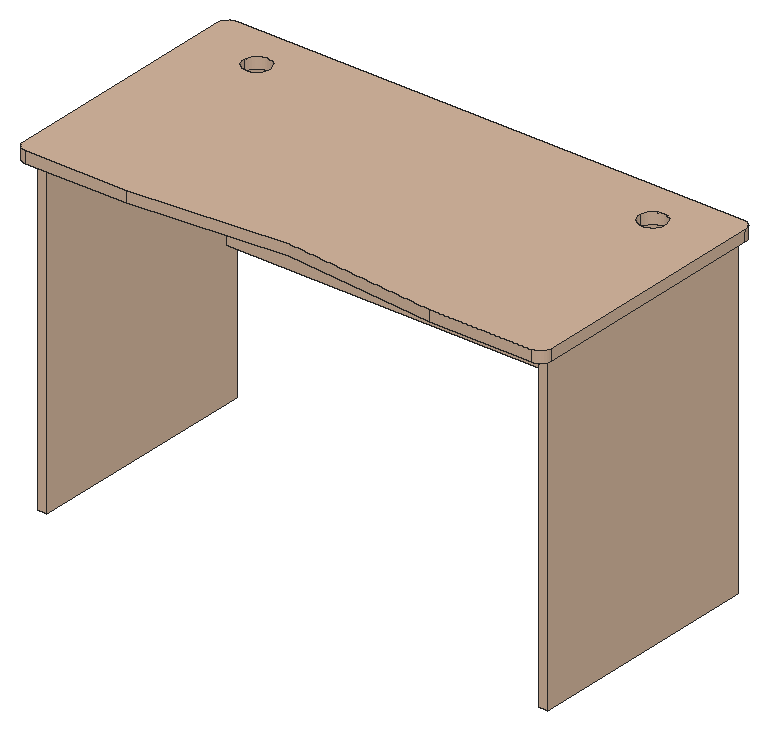
Revit family "Стол письменный корпусный без тумбы Юнитекс ПФ", category Оборудование, Revit 2017
Family settings
  Размер круглого соединителя = Использовать диаметр
  Тип детали = Нормальный
  На основе рабочей плоскости = Нет
  Всегда вертикально = Да
  При загрузке вырезать с полостями = Нет
  Общий = Нет
  Точка расчета площади = Нет
Parameters (values of type "1200х600х750")
  Общ_Ширина = 1200.0 mm
  Общ_Тип, марка = "ПФ 0161"
  Общ_Примечание = ""
  Общ_Поставщик = "Юнитекс"
  Общ_Позиция = ""
  Общ_Наименование = "Стол рабочий, корпусный, без тумбы"
  Общ_Масса = ""
  Общ_Код продукции = ""
  Общ_Единицы измерения = "шт."
  Общ_Глубина = 600.0 mm
  Общ_Высота = 750.0 mm
  Keynote = ""
  Изготовитель = "Ant"
  Группа модели = "ТХ"
Types (6, lengths in mm): name | Общ_Ширина | Общ_Тип, марка | Общ_Глубина | Изготовитель | Группа модели
  1400х600х750 | 1400.0 | "ПФ 0162" | 600.0 | "Severin" | "ТХ"
  1400х800х750 | 1400.0 | "ПФ 102" | 800.0 | "Ant" | "ТХ"
  1200х600х750 | 1200.0 | "ПФ 0161" | 600.0 | "Ant" | "ТХ"
  1200х800х750 | 1200.0 | "ПФ 101" | 800.0 | "Ant" | "ТХ"
  1600х800х750 | 1600.0 | "ПФ 103" | 800.0 | "Ant" | "ТХ"
  1600х600х750 | 1600.0 | "ПФ 0163" | 600.0 | "Severin" | 0.0
Reference planes
  plane 1 "По центру (Вперед/Назад)": y = 0
  plane 2: z = 0
  plane 3 "По центру (Влево/Вправо)": x = 0
  plane 4: x = -600
  plane 5: x = 600
  plane 6: y = 300
  plane 7: y = -300
  plane 8: z = 750
  plane 9: z = 725
  plane 10: x = 344.415
  plane 11: x = -344.404
  plane 12: x = -580
  plane 13: y = 280
  plane 14: x = 580
  plane 15: y = -260
  plane 16: x = -558
  plane 17: x = 558
  plane 18: y = 265
  plane 19: y = 247
Forms (mm)
  Extrusion 1, solid, material "Дуб", detail levels medium+fine
    sketch origin (0, 0, 0) x (1, 0, 0) y (0, 1, 0)
      loop
        arc (-573.475, 300) -> (-592.231, 292.231) -> (-600, 273.475) r 26.525
        line (-600, 273.475) -> (-600, -275)
        arc (-600, -275) -> (-592.678, -292.678) -> (-575, -300) r 25
        line (-575, -300) -> (-344.404, -300)
        arc (-344.404, -300) -> (0.006, -269.819) -> (344.415, -300) r 1980.181
        line (344.415, -300) -> (575.011, -300)
        arc (575.011, -300) -> (592.681, -292.681) -> (600, -275.011) r 24.989
        line (600, -275.011) -> (600, 275)
        arc (600, 275) -> (592.678, 292.678) -> (575, 300) r 25
        line (575, 300) -> (-573.475, 300)
      loop
        circle (-450, 200) r 30
      loop
        circle (450, 200) r 30
    from 725 to 750
  Extrusion 2, solid, material "Дуб", detail levels fine
    sketch origin (0, 0, 0) x (1, 0, 0) y (0, 1, 0)
      loop
        line (-580, 280) -> (-580, -260) -> (-558, -260) -> (-558, 280) -> (-580, 280)
      loop
        line (558, 280) -> (558, -260) -> (580, -260) -> (580, 280) -> (558, 280)
    from 0 to 725
  Extrusion 3, solid, material "Дуб", detail levels fine
    sketch origin (0, 0, 0) x (1, 0, 0) y (0, 1, 0)
      loop
        line (-558, 265) -> (-558, 247) -> (558, 247) -> (558, 265) -> (-558, 265)
    from 325 to 725
Lines and regions (mm)
  symbolic lines, detail levels coarse+medium
    curve 1: line (600, -300, 0) -> (-600, -300, 0)
    curve 2: line (600, 300, 0) -> (600, -300, 0)
    curve 3: line (-600, 300, 0) -> (600, 300, 0)
    curve 4: line (-600, -300, 0) -> (-600, 300, 0)
    curve 5: line (-13.163, -300, 0) -> (0, -281.201, 0)
    curve 6: line (13.163, -300, 0) -> (0, -281.201, 0)
    curve 7: line (-600, -300, 0) -> (600, 300, 0)
Dimensions and locks
  equal spacing: plane 4, plane 3 "По центру (Влево/Вправо)", plane 5
  "Общ_Ширина": plane 4 to plane 5
  equal spacing: plane 6, plane 1 "По центру (Вперед/Назад)", plane 7
  "Общ_Глубина": plane 6 to plane 7
  "Общ_Высота": plane 8 to plane 2
  locked: plane 8 to plane 9 at 25
  locked: plane 4 to plane 11 at 255.596
  locked: plane 10 to plane 5 at 255.585
  locked: plane 6 to plane 13 at 20
  locked: plane 6 to plane 18 at 35
  locked: plane 18 to plane 19 at 18
  locked: plane 4 to plane 12 at 20
  locked: plane 12 to plane 16 at 22
  locked: plane 14 to plane 5 at 20
  locked: plane 17 to plane 14 at 22
  locked: plane 15 to plane 7 at 40
  aligned and locked: level to plane 2
  aligned and locked: curve 2 to Extrusion 1 sketch curve
Automatic sketch dimensions
  Extrusion 2 sketch curve to plane 12 = 0.0 mm
  Extrusion 2 sketch curve to plane 15 = 0.0 mm  (x2)
  Extrusion 2 sketch curve to plane 16 = 0.0 mm
  Extrusion 2 sketch curve to plane 13 = 0.0 mm  (x2)
  Extrusion 2 sketch curve to plane 17 = 0.0 mm
  Extrusion 2 sketch curve to plane 14 = 0.0 mm
  Extrusion 3 sketch curve to plane 16 = 0.0 mm
  Extrusion 3 sketch curve to plane 17 = 0.0 mm
  Extrusion 3 sketch curve to plane 19 = 0.0 mm
  Extrusion 3 sketch curve to plane 18 = 0.0 mm
  Extrusion 1 sketch curve to plane 4 = 0.0 mm
  Extrusion 1 sketch curve to plane 7 = 0.0 mm  (x2)
  Extrusion 1 sketch curve to plane 6 = 0.0 mm
  Extrusion 1 sketch curve to plane 11 = 0.0 mm
  Extrusion 1 sketch curve to plane 10 = 0.0 mm
  plane 12 to Extrusion 1 sketch curve = 5.0 mm
  plane 12 to Extrusion 1 sketch curve = 6.525 mm
  Extrusion 1 sketch curve to plane 19 = 47.0 mm  (x2)
  plane 11 to Extrusion 1 sketch curve = 105.596 mm
  Extrusion 1 sketch curve to plane 10 = 105.585 mm
  Extrusion 1 sketch curve to plane 14 = 5.0 mm
  Extrusion 1 sketch curve to plane 14 = 4.989 mm
  Extrusion 1 sketch curve to plane 7 = 1950.0 mm
  curve 7 to plane 4 = 0.0 mm
  curve 5 to plane 3 "По центру (Влево/Вправо)" = 0.0 mm
  curve 7 to plane 5 = 0.0 mm
  curve 7 to plane 7 = 0.0 mm
  curve 4 to plane 6 = 0.0 mm
  plane 7 to curve 5 = 18.799 mm
  curve 5 to plane 3 "По центру (Влево/Вправо)" = 13.163 mm
  plane 3 "По центру (Влево/Вправо)" to curve 6 = 13.163 mm
  radius of Extrusion 1 sketch curve = 30.0 mm  (x2)
